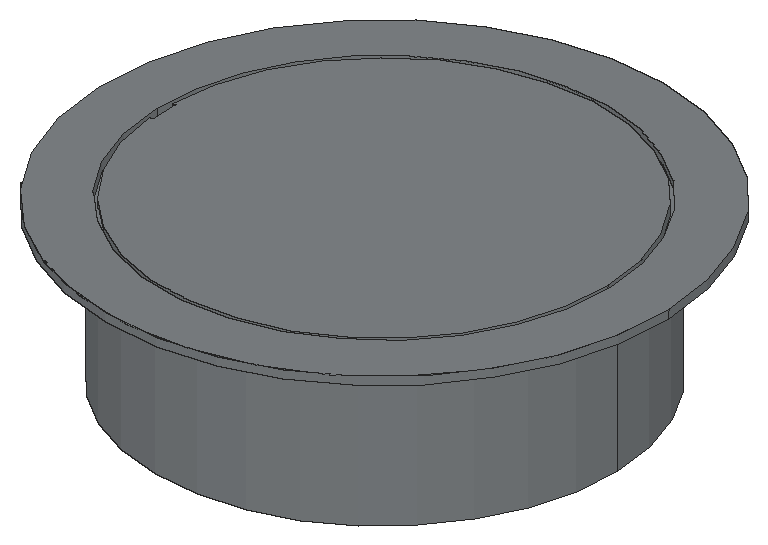
Revit family "Geräteeinsatz blind ohne Bodenbelagaussparung", category Generic Models, Revit 2015
Parameters (values of type "GES R2B 7011")
  URL = "http://www.obo-bettermann.com"
  Radius = 56 mm
  Material = OBO PA Grey
  Manufacturer Art.No. = "7405086"
  Manufacturer = "OBO Bettermann"
  Height 1 = 38 mm
  Height = 40 mm
  GTIN = "4012196459605"
  Diameter 1 = 115 mm
  Diameter = 140 mm
  Article Type = "GES R2B 7011"
Types (3, lengths in mm): name | Material | Manufacturer Art.No. | GTIN | Article Type
  (no name) | OBO PA Grey | "7405086" | "4012196459605" | "GES R2B 7011"
  GES R2B 7011 | OBO PA Grey | "7405086" | "4012196459605" | "GES R2B 7011"
  GES R2B 9011 | OBO PA Black | "7405088" | "4012196459643" | "GES R2B 9011"
Reference planes
  plane 1 "Center (Front/Back)": y = 0
  plane 2: z = 0
  plane 3 "Center (Left/Right)": x = 0
  plane 4: z = 38
  plane 5: z = 40
  plane 6: z = 37.8
Forms (mm)
  Extrusion 1, solid, material "OBO PA Grey" <- "Material"
    sketch origin (0, 0, 0) x (1, 0, 0) y (0, 1, 0)
      loop
        circle (0, 0) r 57.5
    from 0 to 38
  Extrusion 2, solid, material "OBO PA Grey" <- "Material"
    sketch origin (0, 0, 0) x (1, 0, 0) y (0, 1, 0)
      loop
        circle (0, 0) r 70
    from 38 to 40
  Extrusion 3, void
    sketch origin (0, 0, 0) x (1, 0, 0) y (0, 1, 0)
      loop
        circle (0, 0) r 56
      loop
        circle (0, 0) r 55
    from 38 to 40
  Extrusion 4, void
    sketch origin (0, 0, 0) x (1, 0, 0) y (0, 1, 0)
      loop
        line (-55.346, 3.5) -> (-55.346, -3.5) -> (-54, -3.5) -> (-54, 3.5) -> (-55.346, 3.5)
    from 38 to 40
Cuts and joins
  Extrusion 3, Extrusion 4 cuts Extrusion 1
  Extrusion 3, Extrusion 4 cuts Extrusion 2
Dimensions and locks
  "Height 1": plane 4 to level
  "Height": plane 5 to level
  locked: plane 5 to plane 6 at 2.2
  locked: Extrusion 4 sketch curve to Extrusion 4 sketch curve at 7
  equal spacing: Extrusion 4 sketch curve, plane 1 "Center (Front/Back)", Extrusion 4 sketch curve, locked at 3.5 each
  locked: Extrusion 4 sketch curve to plane 3 "Center (Left/Right)" at 54
  "Diameter 1": diameter of Extrusion 1 sketch curve
  "Diameter": diameter of Extrusion 2 sketch curve
  "Radius": radius of Extrusion 3 sketch curve
  aligned and locked: level to plane 2
  aligned and locked: plane 4 to Extrusion 1
  aligned and locked: plane 5 to Extrusion 2
  aligned and locked: Extrusion 2 to Extrusion 1
  aligned and locked: Extrusion 3 to Extrusion 1
  aligned and locked: plane 5 to Extrusion 3
  aligned and locked: Extrusion 4 to Extrusion 1
  aligned and locked: plane 5 to Extrusion 4
Automatic sketch dimensions
  plane 1 "Center (Front/Back)" to Extrusion 1 sketch curve = 0 mm
  Extrusion 1 sketch curve to plane 3 "Center (Left/Right)" = 0 mm
  plane 1 "Center (Front/Back)" to Extrusion 2 sketch curve = 0 mm
  Extrusion 2 sketch curve to plane 3 "Center (Left/Right)" = 0 mm
  plane 1 "Center (Front/Back)" to Extrusion 3 sketch curve = 0 mm
  Extrusion 3 sketch curve to plane 3 "Center (Left/Right)" = 0 mm
  Extrusion 3 sketch curve to Extrusion 3 sketch curve = 0 mm  (x2)
  Extrusion 4 sketch curve to Extrusion 4 sketch curve = 1.346 mm
  radius of Extrusion 3 sketch curve = 55 mm
